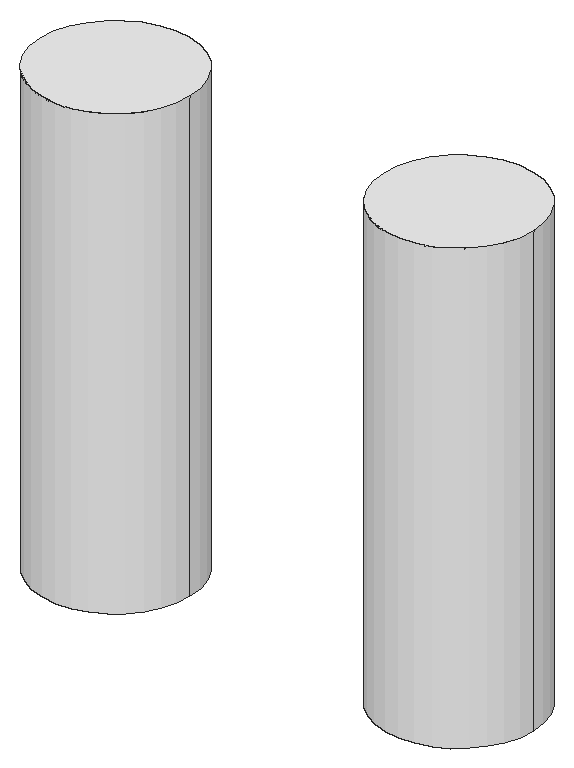
Revit family "52461167(2022)", category Plumbing Fixtures, Revit 2018
Family settings
  Round Connector Dimension = Use Diameter
  Part Type = Normal
  OmniClass Number = 23.45.55.00
  OmniClass Title = Sanitary Faucets, Wastes
  Work Plane-Based = No
  Always vertical = Yes
  Cut with Voids When Loaded = No
  Shared = No
  Room Calculation Point = No
Parameters (values of type "52461167 Washbasin faucet, low pressure")
  WorkingPressure = "50 - 500 kPa"
  Working Pressure = "50 - 500 kPa"
  WarrantyStartDate [instance] = "n/a"
  WarrantyGuarantorParts = "n/a"
  WarrantyGuarantorLabor = "n/a"
  WarrantyDurationUnit = "Year"
  WarrantyDurationParts = "n/a"
  WarrantyDurationLabor = "n/a"
  WarrantyDescription = "http://warranty.hansa.com"
  Warranty Information URL = "http://warranty.hansa.com"
  VersionDate = "01/07/2022"
  Version = "2"  # constant formula
  ValvePattern = "n/a"
  ValveOperation = "n/a"
  ValveMechanism = "n/a"
  Uniclass2015Reference = "Pr_40_20_87_96"
  Uniclass2015Description = "Washbasin manual water supply sets"
  Uniclass2 = "Pr_40_30_96_96"
  URL REACH = "http://static.hansa.com/doc/reach"
  URL Declaration of Conformity = "http://static.hansa.com/DoC/52461167"
  URL = ""
  UNSPSC Class Number = "30181700 Faucets or taps"
  Type Comments = ""
  TestPressure = "n/a"
  Temperature Adjustments = "Limitation option for maximum temperature and flow-rate "
  Technical DataSheet URL = "http://www.hansa.com/datasheet/52461167/en"
  TagNumber [instance] = "n/a"
  SustainabilityPerformance = "n/a"
  Surface treatment = "Chrome"
  Spout Type = "Fixed spout"
  Spout Projection = "114 mm"
  Spare-Part Information URL = "http://static.hansa.com/sp/52461167"
  Size = "50x170x200 mm"
  Shape = "Sculptured"
  SerialNumber [instance] = "n/a"
  Sales Package dimensions (LxWxH) = "380 x 180 x 74"
  Revision = "2"  # constant formula
  ReplacementCost = "n/a"
  ProductInformation = "n/a"
  Product URL = "http://static.hansa.com/52461167"
  Product Image URL = "http://static.hansa.com/image/52461167"
  Product Family = "HANSAVANTIS XL"
  Product Code = "52461167"
  OperatingMechanismMaterial = "n/a"
  NominalWidth = 46.499 mm
  NominalHeight = 188.503 mm
  NominalDepth = 165.087 mm
  Name_en = "52461167 Washbasin faucet, low pressure"
  Name = "52461167 Washbasin faucet, low pressure"
  NBSReference = "45-35-70/371"
  NBSDescription = "Water supply fittings for wash basins and troughs"
  Mounting Holes = "1 hole"
  ModelReference = "52461167"
  ModelNumber = "n/a"
  Model = "52461167 Washbasin faucet, low pressure"
  Mobile Product Information URL = "http://mpi.hansa.com/52461167"
  Mechanical Parts = "30Cartridge"
  Max. Hot Water Supply = 70 °C
  Material = "brassPlastic"
  Market = "International;Germany;Austria;Belgium;Netherlands;Czech Republic;Slovakia"
  ManufacturerURL = "http://www.hansa.com"
  ManufacturerName = "HANSA"
  Manufacturer = "HANSA"
  Lever Handle = "Single operating lever/handle;Pin shape;Hot/Cold symbols"
  Keynote = ""
  Interactive AR View URL = "https://static.hansa.com/AR/52461167"
  InstallationDate [instance] = "n/a"
  Installation and Maintenance Guide URL = "http://static.hansa.com/manual/52461167"
  Installation Type = "Deck mounted"
  InletConnectionSize = 10 mm
  IfcExportType = "FAUCET"  # constant formula
  IfcExportAs = "IfcValveType"  # constant formula
  Group = "Washbasin faucet"
  Grade = "n/a"
  FlowCoefficient = 0
  Flow Drawing URL = "http://static.hansa.com/flowchart/52461167"
  Finish = "Polished"
  Features = "Single-lever;Low pressure"
  FaucetMainMaterial = Brass
  FDV Document URL = "http://www.hansa.com/datasheet/52461167/en/fdv"
  Extensions = "Pop-up waste with draw-rod"
  ExpectedLife = "n/a"
  ETIM Class Number = "EC011328 Washbasin mixing tap"
  EN Standard = "EN 817"
  EAN Number = "4057304017209"
  DurationUnit = "Year"
  Dimension Drawing URL = "http://static.hansa.com/dimdrw/52461167"
  Description = ""
  DefaultElevation [instance] = 900 mm
  Constituents = "n/a"
  Connection Size = "G3/8"
  Connection = "Flexible inlet pipes"
  Color = "Chrome"
  CodePerformance = "n/a"
  CloseOffRating = 0
  Catalog Drawing URL = "http://static.hansa.com/catdrw/52461167"
  Brand = "HANSA"
  BodyMaterial = "Brass"
  Barcode [instance] = "n/a"
  Backflow Prevention EN1717 = "AA"
  BIMObjectName = "52461167(2022)"
  Author = "BIMStone"
  AssetType = "Fixed"
  AssetIdentifier [instance] = "n/a"
  Aerator = "Standard aerator;Laminar stream"
  Advanced Features = "Inner body made of DZR brass"
  AccessibilityPerformance = "n/a"
  3D View = "https://static.hansa.com/3D/52461167"
  2D/3D/BIM Files URL = "http://static.hansa.com/bim/52461167"
Reference planes
  plane 1 "Center (Front/Back)": y = 0
  plane 2: z = 0
  plane 3 "Center (Left/Right)": x = 0
  plane 4: x = -23.249
  plane 5: z = 900
  plane 6: z = 870
  plane 7: y = -165.087
  plane 8: x = 23.249
  plane 9: z = 1088.503
Forms (mm)
  Extrusion 1, solid, material "Brass" <- "FaucetMainMaterial"
    sketch origin (0, -15.454, 0) x (1, 0, 0) y (0, 1, 0)
      loop
        circle (-11.5, -22.5) r 5
      loop
        circle (11.5, -22.5) r 5
    from 870 to 900
Dimensions and locks
  "DefaultElevation": plane 5 to level
  locked: plane 5 to plane 6 at 30
  "NominalDepth": plane 7 to plane 1 "Center (Front/Back)"
  equal spacing: plane 4, plane 3 "Center (Left/Right)", plane 8
  "NominalHeight": plane 9 to plane 5
  "NominalWidth": plane 4 to plane 8
  "InletConnectionSize": diameter of Extrusion 1 sketch curve  (x2)
  aligned and locked: level to plane 2
  aligned and locked: plane 5 to Extrusion 1
  aligned and locked: Extrusion 1 to plane 6
  aligned and locked: plane 1 "Center (Front/Back)" to nested 2
  aligned and locked: plane 3 "Center (Left/Right)" to nested 2
  aligned and locked: plane 3 "Center (Left/Right)" to nested 1
  aligned and locked: plane 1 "Center (Front/Back)" to nested 1
Automatic sketch dimensions
  Extrusion 1 sketch curve to plane 3 "Center (Left/Right)" = 11.5 mm
  plane 3 "Center (Left/Right)" to Extrusion 1 sketch curve = 11.5 mm
  plane 1 "Center (Front/Back)" to Extrusion 1 sketch curve = 37.954 mm  (x2)
Nested families
  nested 1: "Symbol" at (0, 0, 0), type "Symbol", detail levels coarse
  nested 2: "52461167(2022).p" at (0, 0, 900), main material <- "FaucetMainMaterial", type "52461167(2022).p"
    with main material Brass
Connectors
  piping at (-11.5, -37.954, 870), diameter 10, driven by "InletConnectionSize"
    settings: on Extrusion 1, index 1, connector inside diameter 609.6 mm, connector length 0 mm, flow factor 0, pipe flow 0.2 L/s, pressure drop 0.0 Pa, fitting loss kfactor 0, connector angle 0.00°, fixture units 0, engagement length 0 mm, angle of deflection 0.00°, flow configuration 1, flow direction 1, fitting loss method 0, system type 19, joint type 0, gender type 0, connector reference index -1, connector utility 0, adjustable connector no, is connector primary yes, connector description ""
  piping at (11.5, -37.954, 870), diameter 10, driven by "InletConnectionSize"
    settings: on Extrusion 1, index 2, connector inside diameter 609.6 mm, connector length 0 mm, flow factor 0, pipe flow 0.2 L/s, pressure drop 0.0 Pa, fitting loss kfactor 0, connector angle 0.00°, fixture units 0, engagement length 0 mm, angle of deflection 0.00°, flow configuration 1, flow direction 1, fitting loss method 0, system type 20, joint type 0, gender type 0, connector reference index -1, connector utility 0, adjustable connector no, is connector primary no, connector description ""
Definition of nested family "Symbol"
  Reference planes
    plane 1: y = 0
    plane 2: x = 0
  Lines and regions (mm)
    detail lines
      curve 1: line (0, 0, 0) -> (0, -1.8, 0)
      curve 2: line (-0.4, -1.1, 0) -> (0.4, -1.1, 0)
      curve 3: line (-0.4, -1.4, 0) -> (0.4, -1.4, 0)
      curve 4: line (0.863, 0, 0) -> (-0.863, 0, 0)
      curve 5: circle (-1.163, 0, 0) r 0.3 normal (0, 0, -1)
      curve 6: circle (1.163, 0, 0) r 0.3 normal (0, 0, 1)
